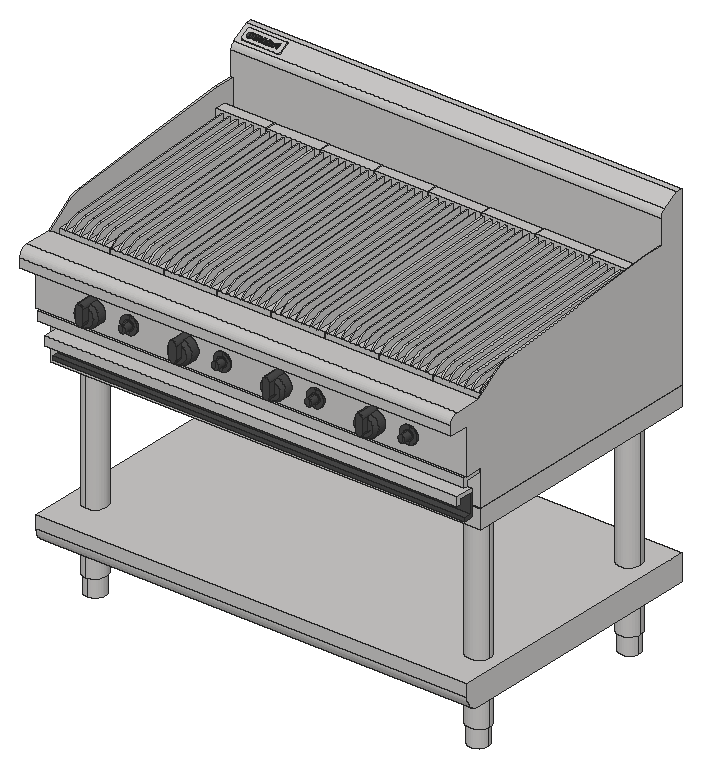
Revit family "QF_MOFFAT WALDORF_CH8120G-LS", category Specialty Equipment, Revit 2012
Parameters
  Weight in Pounds = 0
  URL Cutsheet = "www.moffat.com"
  URL = "www.moffat.com"
  Type Mark [instance] = ""
  Status [instance] = ""
  Specification by User [instance] = ""
  Specification by Manufacturer = ""
  Show Logo [instance] = yes
  Serial Number = ""
  Seismic Rating = ""
  SMACNA No = ""
  Revision Code [instance] = ""
  Omniclass Number and Title = ""
  NAFEM Spec ID Number = ""
  Model = "CH8120G-LS"
  Mechanical Remarks [instance] = ""
  Mechanical Connection Type [instance] = ""
  Masterspec = ""
  Manufacturer = "MOFFAT WALDORF"
  Item Number [instance] = ""
  Installed By [instance] = ""
  Identify Quantity as Lot [instance] = yes
  Gas Size = 3/4"
  Gas RI Height [instance] = 0 mm
  Gas KW [instance] = 36.6
  Gas Input [instance] = 126060.0 Btu/h
  Gas Connection Height = 0 mm
  Furnished By [instance] = ""
  Foodservice Equipment Identifier [instance] = yes
  Description = "CHARGRILL ON LEG STAND"
  CSI MasterFormat = ""
  CSI Master Format = ""
  Body Finish = QF_Finishes_Stainless Steel
Reference planes
  plane 1 "BACK": y = 0
  plane 2: z = 0
  plane 3 "LEFT": x = 0
  plane 4 "RIGHT": x = 1200
  plane 5 "FRONT": y = -805
  plane 6 "TOP": z = 1130
  plane 7 "Center Y": x = 600
  plane 8 "Center X": y = -402.5
Forms (mm)
  Extrusion 1, solid, material "QF_Finishes_Stainless Steel" <- "Body Finish"
    sketch origin (0, 0, 0) x (0, 1, 0) y (0, 0, 1)
      loop
        line (-805, 891) -> (-805, 866) -> (-749, 866) -> (-749, 740) -> (-699, 740) -> (-699, 640) -> (0, 640) -> (0, 1130) -> (-16.5, 1130) -> (-58.709, 1105.631)
        arc (-58.709, 1105.631) -> (-66.975, 1097.365) -> (-70, 1086.074) r 22.582
        line (-70, 1086.074) -> (-70, 875) -> (-705, 875) -> (-705, 915) -> (-781, 915)
        arc (-781, 915) -> (-797.971, 907.971) -> (-805, 891) r 24
      loop
        line (0, 585) -> (0, 639.206) -> (-699, 639.206) -> (-699, 585) -> (0, 585)
      loop
        line (0, 222.5) -> (-749, 222.5) -> (-749, 188)
        arc (-749, 188) -> (-737.87, 161.13) -> (-711, 150) r 38
        line (-711, 150) -> (0, 150) -> (0, 222.5)
    from 0 to 1200
  Revolve 2, solid, material "QF_Finishes_Stainless Steel" <- "Body Finish"
    sketch origin (424.5, -625, 0) x (1, 0, 0) y (0, 0, -1)
      loop
        line (678.25, -585) -> (710, -585) -> (710, -222.5) -> (678.25, -222.5) -> (678.25, -585)
      loop
        line (678.25, -50) -> (678.25, -150) -> (710, -150) -> (710, 0) -> (682.5, 0) -> (682.5, -50) -> (678.25, -50)
      axis (710, -585) -> (710, 0)
    angle from 0 to 360
  Revolve 3, solid, material "QF_Finishes_Stainless Steel" <- "Body Finish"
    sketch origin (424.5, -100, 0) x (1, 0, 0) y (0, 0, -1)
      loop
        line (678.25, -150) -> (710, -150) -> (710, 0) -> (682.5, 0) -> (682.5, -50) -> (678.25, -50) -> (678.25, -150)
      loop
        line (678.75, -222.5) -> (678.75, -585) -> (710, -585) -> (710, -222.5) -> (678.75, -222.5)
      axis (710, -585) -> (710, 0)
    angle from 0 to 360
  Revolve 4, solid, material "QF_Finishes_Stainless Steel" <- "Body Finish"
    sketch origin (65.5, -735, 0) x (0, 1, 0) y (0, 0, 1)
      loop
        line (78.25, 585) -> (78.25, 222.5) -> (110, 222.5) -> (110, 585) -> (78.25, 585)
      loop
        line (78.25, 50) -> (82.5, 50) -> (82.5, 0) -> (110, 0) -> (110, 150) -> (78.25, 150) -> (78.25, 50)
      axis (110, 585) -> (110, 0)
    angle from 0 to 360
  Revolve 5, solid, material "QF_Finishes_Stainless Steel" <- "Body Finish"
    sketch origin (65.5, -210.016, 0) x (0, 1, 0) y (0, 0, 1)
      loop
        line (78.25, 585) -> (78.25, 222.5) -> (110, 222.5) -> (110, 585) -> (78.25, 585)
      loop
        line (78.25, 50) -> (82.5, 50) -> (82.5, 0) -> (110, 0) -> (110, 150) -> (78.25, 150) -> (78.25, 50)
      axis (110, 585) -> (110, 0)
    angle from 0 to 360
  Extrusion 6, solid, material "QF_Finishes_Stainless Steel" <- "Body Finish"
    sketch origin (0, 0, 0) x (0, 1, 0) y (0, 0, 1)
      loop
        line (-121.455, 1019.2) -> (-600.057, 973.116)
        arc (-600.057, 973.116) -> (-620.977, 968.81) -> (-640.506, 960.159) r 100
        line (-640.506, 960.159) -> (-705, 915) -> (-705, 875) -> (-70, 875) -> (-70, 1019.2) -> (-121.455, 1019.2)
    from 0 to 4.5
  Extrusion 7, solid, material "QF_Finishes_Stainless Steel" <- "Body Finish"
    sketch origin (1200, 0, 0) x (0, 1, 0) y (0, 0, -1)
      loop
        line (-121.455, -1019.2) -> (-70, -1019.2) -> (-70, -875) -> (-705, -875) -> (-705, -915) -> (-640.506, -960.159)
        arc (-640.506, -960.159) -> (-620.977, -968.81) -> (-600.057, -973.116) r 100
        line (-600.057, -973.116) -> (-121.455, -1019.2)
    from 0 to 3
  Revolve 8, solid, material "QF_Finishes_Black"
    sketch origin (168, 0, 500) x (0, 1, 0) y (0, 0, 1)
      loop
        line (-782, 329.5) -> (-793, 323.651) -> (-793, 297) -> (-749, 297) -> (-749, 302) -> (-759, 302) -> (-759, 329.5) -> (-782, 329.5)
      axis (-793, 297) -> (-749, 297)
    angle from 0 to 360
  Extrusion 9, solid, material "QF_Finishes_Black"
    sketch origin (29.888, 0, 500) x (1, 0, 0) y (0, 0, 1)
      loop
        line (148.3, 289) -> (148.3, 324)
        arc (148.3, 324) -> (138.3, 334) -> (128.3, 324) r 10
        line (128.3, 324) -> (128.3, 289)
        arc (128.3, 289) -> (138.3, 279) -> (148.3, 289) r 10
    from 759 to 808
  Revolve 10, solid, material "QF_Finishes_Black"
    sketch origin (428, 0, 0) x (0, 1, 0) y (0, 0, -1)
      loop
        line (-782, -829.5) -> (-759, -829.5) -> (-759, -802) -> (-749, -802) -> (-749, -797) -> (-793, -797) -> (-793, -823.651) -> (-782, -829.5)
      axis (-793, -797) -> (-749, -797)
    angle from 0 to 360
  Extrusion 11, solid, material "QF_Finishes_Black"
    sketch origin (266.198, 0, 0) x (-1, 0, 0) y (0, 0, -1)
      loop
        arc (-151.7, -789) -> (-161.7, -779) -> (-171.7, -789) r 10
        line (-171.7, -789) -> (-171.7, -824)
        arc (-171.7, -824) -> (-161.7, -834) -> (-151.7, -824) r 10
        line (-151.7, -824) -> (-151.7, -789)
    from 759 to 808
  Revolve 12, solid, material "QF_Finishes_Black"
    sketch origin (268.187, 0, 500) x (0, 1, 0) y (0, 0, 1)
      loop
        line (-759, 302) -> (-759, 321) -> (-761.705, 321) -> (-761.705, 309.85) -> (-762.85, 309.85) -> (-762.85, 306.825) -> (-784.88, 306.825) -> (-784.88, 297) -> (-749, 297) -> (-749, 302) -> (-759, 302)
      axis (-749, 297) -> (-784.88, 297)
    angle from 0 to 360
  Revolve 13, solid, material "QF_Finishes_Black"
    sketch origin (528.014, 0, 500) x (0, 1, 0) y (0, 0, 1)
      loop
        line (-759, 302) -> (-759, 321) -> (-761.705, 321) -> (-761.705, 309.85) -> (-762.85, 309.85) -> (-762.85, 306.825) -> (-784.88, 306.825) -> (-784.88, 297) -> (-749, 297) -> (-749, 302) -> (-759, 302)
      axis (-749, 297) -> (-784.88, 297)
    angle from 0 to 360
  Extrusion 14, solid, material "QF_Finishes_Stainless Steel"
    sketch origin (276, 0, 0) x (0, 1, 0) y (0, 0, 1)
      loop
        line (-132, 910.364) -> (-132, 962.849) -> (-630.852, 932.53)
        arc (-630.852, 932.53) -> (-656.098, 925.97) -> (-677, 910.364) r 67.81
        line (-677, 910.364) -> (-132, 910.364)
    from 0 to 4.5
  Extrusion 15, solid, material "QF_Finishes_Stainless Steel"
    sketch origin (255, 0, 0) x (0, 1, 0) y (0, 0, 1)
      loop
        line (-132, 910.364) -> (-132, 962.849) -> (-630.852, 932.53)
        arc (-630.852, 932.53) -> (-656.098, 925.97) -> (-677, 910.364) r 67.81
        line (-677, 910.364) -> (-132, 910.364)
    from 0 to 4.5
  Extrusion 16, solid, material "QF_Finishes_Stainless Steel"
    sketch origin (234, 0, 0) x (0, 1, 0) y (0, 0, 1)
      loop
        line (-132, 910.364) -> (-132, 962.849) -> (-630.852, 932.53)
        arc (-630.852, 932.53) -> (-656.098, 925.97) -> (-677, 910.364) r 67.81
        line (-677, 910.364) -> (-132, 910.364)
    from 0 to 4.5
  Extrusion 17, solid, material "QF_Finishes_Stainless Steel"
    sketch origin (213, 0, 0) x (0, 1, 0) y (0, 0, 1)
      loop
        line (-132, 910.364) -> (-132, 962.849) -> (-630.852, 932.53)
        arc (-630.852, 932.53) -> (-656.098, 925.97) -> (-677, 910.364) r 67.81
        line (-677, 910.364) -> (-132, 910.364)
    from 0 to 4.5
  Extrusion 18, solid, material "QF_Finishes_Stainless Steel"
    sketch origin (192, 0, 0) x (0, 1, 0) y (0, 0, 1)
      loop
        line (-132, 910.364) -> (-132, 962.849) -> (-630.852, 932.53)
        arc (-630.852, 932.53) -> (-656.098, 925.97) -> (-677, 910.364) r 67.81
        line (-677, 910.364) -> (-132, 910.364)
    from 0 to 4.5
  Extrusion 19, solid, material "QF_Finishes_Stainless Steel"
    sketch origin (171, 0, 0) x (0, 1, 0) y (0, 0, 1)
      loop
        line (-132, 910.364) -> (-132, 962.849) -> (-630.852, 932.53)
        arc (-630.852, 932.53) -> (-656.098, 925.97) -> (-677, 910.364) r 67.81
        line (-677, 910.364) -> (-132, 910.364)
    from 0 to 4.5
  Extrusion 20, solid, material "QF_Finishes_Stainless Steel"
    sketch origin (150, 0, 0) x (0, 1, 0) y (0, 0, 1)
      loop
        line (-132, 910.364) -> (-132, 962.849) -> (-630.852, 932.53)
        arc (-630.852, 932.53) -> (-656.098, 925.97) -> (-677, 910.364) r 67.81
        line (-677, 910.364) -> (-132, 910.364)
    from 0 to 4.5
  Extrusion 21, solid, material "QF_Finishes_Stainless Steel"
    sketch origin (126, 0, 0) x (0, 1, 0) y (0, 0, 1)
      loop
        line (-132, 910.364) -> (-132, 962.849) -> (-630.852, 932.53)
        arc (-630.852, 932.53) -> (-656.098, 925.97) -> (-677, 910.364) r 67.81
        line (-677, 910.364) -> (-132, 910.364)
    from 0 to 4.5
  Extrusion 22, solid, material "QF_Finishes_Stainless Steel"
    sketch origin (105, 0, 0) x (0, 1, 0) y (0, 0, 1)
      loop
        line (-132, 910.364) -> (-132, 962.849) -> (-630.852, 932.53)
        arc (-630.852, 932.53) -> (-656.098, 925.97) -> (-677, 910.364) r 67.81
        line (-677, 910.364) -> (-132, 910.364)
    from 0 to 4.5
  Extrusion 23, solid, material "QF_Finishes_Stainless Steel"
    sketch origin (84, 0, 0) x (0, 1, 0) y (0, 0, 1)
      loop
        line (-132, 910.364) -> (-132, 962.849) -> (-630.852, 932.53)
        arc (-630.852, 932.53) -> (-656.098, 925.97) -> (-677, 910.364) r 67.81
        line (-677, 910.364) -> (-132, 910.364)
    from 0 to 4.5
  Extrusion 24, solid, material "QF_Finishes_Stainless Steel"
    sketch origin (63, 0, 0) x (0, 1, 0) y (0, 0, 1)
      loop
        line (-132, 910.364) -> (-132, 962.849) -> (-630.852, 932.53)
        arc (-630.852, 932.53) -> (-656.098, 925.97) -> (-677, 910.364) r 67.81
        line (-677, 910.364) -> (-132, 910.364)
    from 0 to 4.5
  Extrusion 25, solid, material "QF_Finishes_Stainless Steel"
    sketch origin (42, 0, 0) x (0, 1, 0) y (0, 0, 1)
      loop
        line (-132, 910.364) -> (-132, 962.849) -> (-630.852, 932.53)
        arc (-630.852, 932.53) -> (-656.098, 925.97) -> (-677, 910.364) r 67.81
        line (-677, 910.364) -> (-132, 910.364)
    from 0 to 4.5
  Extrusion 26, solid, material "QF_Finishes_Stainless Steel"
    sketch origin (21, 0, 0) x (0, 1, 0) y (0, 0, 1)
      loop
        line (-132, 910.364) -> (-132, 962.849) -> (-630.852, 932.53)
        arc (-630.852, 932.53) -> (-656.098, 925.97) -> (-677, 910.364) r 67.81
        line (-677, 910.364) -> (-132, 910.364)
    from 0 to 4.5
  Extrusion 27, solid, material "QF_Finishes_Stainless Steel"
    sketch origin (426, 0, 0) x (0, 1, 0) y (0, 0, 1)
      loop
        line (-132, 910.364) -> (-132, 962.849) -> (-630.852, 932.53)
        arc (-630.852, 932.53) -> (-656.098, 925.97) -> (-677, 910.364) r 67.81
        line (-677, 910.364) -> (-132, 910.364)
    from 0 to 4.5
  Extrusion 28, solid, material "QF_Finishes_Stainless Steel"
    sketch origin (405, 0, 0) x (0, 1, 0) y (0, 0, 1)
      loop
        line (-132, 910.364) -> (-132, 962.849) -> (-630.852, 932.53)
        arc (-630.852, 932.53) -> (-656.098, 925.97) -> (-677, 910.364) r 67.81
        line (-677, 910.364) -> (-132, 910.364)
    from 0 to 4.5
  Extrusion 29, solid, material "QF_Finishes_Stainless Steel"
    sketch origin (384, 0, 0) x (0, 1, 0) y (0, 0, 1)
      loop
        line (-132, 910.364) -> (-132, 962.849) -> (-630.852, 932.53)
        arc (-630.852, 932.53) -> (-656.098, 925.97) -> (-677, 910.364) r 67.81
        line (-677, 910.364) -> (-132, 910.364)
    from 0 to 4.5
  Extrusion 30, solid, material "QF_Finishes_Stainless Steel"
    sketch origin (363, 0, 0) x (0, 1, 0) y (0, 0, 1)
      loop
        line (-132, 910.364) -> (-132, 962.849) -> (-630.852, 932.53)
        arc (-630.852, 932.53) -> (-656.098, 925.97) -> (-677, 910.364) r 67.81
        line (-677, 910.364) -> (-132, 910.364)
    from 0 to 4.5
  Extrusion 31, solid, material "QF_Finishes_Stainless Steel"
    sketch origin (342, 0, 0) x (0, 1, 0) y (0, 0, 1)
      loop
        line (-132, 910.364) -> (-132, 962.849) -> (-630.852, 932.53)
        arc (-630.852, 932.53) -> (-656.098, 925.97) -> (-677, 910.364) r 67.81
        line (-677, 910.364) -> (-132, 910.364)
    from 0 to 4.5
  Extrusion 32, solid, material "QF_Finishes_Stainless Steel"
    sketch origin (321, 0, 0) x (0, 1, 0) y (0, 0, 1)
      loop
        line (-132, 910.364) -> (-132, 962.849) -> (-630.852, 932.53)
        arc (-630.852, 932.53) -> (-656.098, 925.97) -> (-677, 910.364) r 67.81
        line (-677, 910.364) -> (-132, 910.364)
    from 0 to 4.5
  Extrusion 33, solid, material "QF_Finishes_Stainless Steel"
    sketch origin (300, 0, 0) x (0, 1, 0) y (0, 0, 1)
      loop
        line (-132, 910.364) -> (-132, 962.849) -> (-630.852, 932.53)
        arc (-630.852, 932.53) -> (-656.098, 925.97) -> (-677, 910.364) r 67.81
        line (-677, 910.364) -> (-132, 910.364)
    from 0 to 4.5
  Extrusion 34, solid, material "QF_Finishes_Stainless Steel"
    sketch origin (576, 0, 0) x (0, 1, 0) y (0, 0, 1)
      loop
        line (-132, 910.364) -> (-132, 962.849) -> (-630.852, 932.53)
        arc (-630.852, 932.53) -> (-656.098, 925.97) -> (-677, 910.364) r 67.81
        line (-677, 910.364) -> (-132, 910.364)
    from 0 to 4.5
  Extrusion 35, solid, material "QF_Finishes_Stainless Steel"
    sketch origin (555, 0, 0) x (0, 1, 0) y (0, 0, 1)
      loop
        line (-132, 910.364) -> (-132, 962.849) -> (-630.852, 932.53)
        arc (-630.852, 932.53) -> (-656.098, 925.97) -> (-677, 910.364) r 67.81
        line (-677, 910.364) -> (-132, 910.364)
    from 0 to 4.5
  Extrusion 36, solid, material "QF_Finishes_Stainless Steel"
    sketch origin (534, 0, 0) x (0, 1, 0) y (0, 0, 1)
      loop
        line (-132, 910.364) -> (-132, 962.849) -> (-630.852, 932.53)
        arc (-630.852, 932.53) -> (-656.098, 925.97) -> (-677, 910.364) r 67.81
        line (-677, 910.364) -> (-132, 910.364)
    from 0 to 4.5
  Extrusion 37, solid, material "QF_Finishes_Stainless Steel"
    sketch origin (513, 0, 0) x (0, 1, 0) y (0, 0, 1)
      loop
        line (-132, 910.364) -> (-132, 962.849) -> (-630.852, 932.53)
        arc (-630.852, 932.53) -> (-656.098, 925.97) -> (-677, 910.364) r 67.81
        line (-677, 910.364) -> (-132, 910.364)
    from 0 to 4.5
  Extrusion 38, solid, material "QF_Finishes_Stainless Steel"
    sketch origin (492, 0, 0) x (0, 1, 0) y (0, 0, 1)
      loop
        line (-132, 910.364) -> (-132, 962.849) -> (-630.852, 932.53)
        arc (-630.852, 932.53) -> (-656.098, 925.97) -> (-677, 910.364) r 67.81
        line (-677, 910.364) -> (-132, 910.364)
    from 0 to 4.5
  Extrusion 39, solid, material "QF_Finishes_Stainless Steel"
    sketch origin (471, 0, 0) x (0, 1, 0) y (0, 0, 1)
      loop
        line (-132, 910.364) -> (-132, 962.849) -> (-630.852, 932.53)
        arc (-630.852, 932.53) -> (-656.098, 925.97) -> (-677, 910.364) r 67.81
        line (-677, 910.364) -> (-132, 910.364)
    from 0 to 4.5
  Extrusion 40, solid, material "QF_Finishes_Stainless Steel"
    sketch origin (450, 0, 0) x (0, 1, 0) y (0, 0, 1)
      loop
        line (-132, 910.364) -> (-132, 962.849) -> (-630.852, 932.53)
        arc (-630.852, 932.53) -> (-656.098, 925.97) -> (-677, 910.364) r 67.81
        line (-677, 910.364) -> (-132, 910.364)
    from 0 to 4.5
  Extrusion 41, solid, material "QF_Finishes_Stainless Steel"
    sketch origin (1, 3, 0) x (1, 0, 0) y (0, 1, 0)
      loop
        circle (215, -35) r 13.5
    from 555 to 585
  Extrusion 42, solid, material "QF_Finishes_Black"
    sketch origin (1, 0, 500) x (0, 1, 0) y (0, 0, 1)
      loop
        line (-704, 171.797) -> (-704, 118.047) -> (-724, 118.047) -> (-724, 108.047) -> (-685.346, 108.047) -> (-685.346, 171.797) -> (-704, 171.797)
    from 24.12 to 1174.007
  Extrusion 43, solid, material "QF_Finishes_Stainless Steel"
    sketch origin (0, 0, 500) x (0, 1, 0) y (0, 0, 1)
      loop
        line (-751.27, 211.219) -> (-741.27, 211.219) -> (-741.27, 226.219) -> (-699, 226.219) -> (-699, 236.219) -> (-751.27, 236.219) -> (-751.27, 211.219)
    from 5.013 to 1195
  Extrusion 44, solid, material "QF_Finishes_Stainless Steel"
    sketch origin (0, 0, 445.578) x (0, 1, 0) y (0, 0, 1)
      loop
        line (-751.27, 211.219) -> (-741.27, 211.219) -> (-741.27, 226.219) -> (-685.346, 226.219) -> (-685.346, 236.219) -> (-751.27, 236.219) -> (-751.27, 211.219)
    from 25.12 to 1175.007
  Extrusion 45, solid, material "QF_Finishes_Stainless Steel"
    sketch origin (0, 0, 0) x (0, 1, 0) y (0, 0, 1)
      loop
        line (-132, 910.364) -> (-677, 910.364) -> (-677, 875) -> (-102, 875) -> (-102, 970) -> (-132, 970) -> (-132, 910.364)
    from 4.5 to 147
  Extrusion 46, solid, material "QF_Finishes_Stainless Steel"
    sketch origin (145.5, 0, 0) x (0, 1, 0) y (0, 0, 1)
      loop
        line (-132, 910.364) -> (-677, 910.364) -> (-677, 875) -> (-102, 875) -> (-102, 970) -> (-132, 970) -> (-132, 910.364)
    from 4.5 to 151.5
  Extrusion 47, solid, material "QF_Finishes_Stainless Steel"
    sketch origin (295.5, 0, 0) x (0, 1, 0) y (0, 0, 1)
      loop
        line (-132, 910.364) -> (-677, 910.364) -> (-677, 875) -> (-102, 875) -> (-102, 970) -> (-132, 970) -> (-132, 910.364)
    from 4.5 to 151.5
  Extrusion 48, solid, material "QF_Finishes_Stainless Steel"
    sketch origin (445.5, 0, 0) x (0, 1, 0) y (0, 0, 1)
      loop
        line (-132, 910.364) -> (-677, 910.364) -> (-677, 875) -> (-102, 875) -> (-102, 970) -> (-132, 970) -> (-132, 910.364)
    from 4.5 to 151.5
  Extrusion 49, solid, material "QF_Finishes_Stainless Steel"
    sketch origin (726, 0, 0) x (0, 1, 0) y (0, 0, 1)
      loop
        line (-132, 910.364) -> (-132, 962.849) -> (-630.852, 932.53)
        arc (-630.852, 932.53) -> (-656.098, 925.97) -> (-677, 910.364) r 67.81
        line (-677, 910.364) -> (-132, 910.364)
    from 0 to 4.5
  Extrusion 50, solid, material "QF_Finishes_Stainless Steel"
    sketch origin (705, 0, 0) x (0, 1, 0) y (0, 0, 1)
      loop
        line (-132, 910.364) -> (-132, 962.849) -> (-630.852, 932.53)
        arc (-630.852, 932.53) -> (-656.098, 925.97) -> (-677, 910.364) r 67.81
        line (-677, 910.364) -> (-132, 910.364)
    from 0 to 4.5
  Extrusion 51, solid, material "QF_Finishes_Stainless Steel"
    sketch origin (684, 0, 0) x (0, 1, 0) y (0, 0, 1)
      loop
        line (-132, 910.364) -> (-132, 962.849) -> (-630.852, 932.53)
        arc (-630.852, 932.53) -> (-656.098, 925.97) -> (-677, 910.364) r 67.81
        line (-677, 910.364) -> (-132, 910.364)
    from 0 to 4.5
  Extrusion 52, solid, material "QF_Finishes_Stainless Steel"
    sketch origin (663, 0, 0) x (0, 1, 0) y (0, 0, 1)
      loop
        line (-132, 910.364) -> (-132, 962.849) -> (-630.852, 932.53)
        arc (-630.852, 932.53) -> (-656.098, 925.97) -> (-677, 910.364) r 67.81
        line (-677, 910.364) -> (-132, 910.364)
    from 0 to 4.5
  Extrusion 53, solid, material "QF_Finishes_Stainless Steel"
    sketch origin (642, 0, 0) x (0, 1, 0) y (0, 0, 1)
      loop
        line (-132, 910.364) -> (-132, 962.849) -> (-630.852, 932.53)
        arc (-630.852, 932.53) -> (-656.098, 925.97) -> (-677, 910.364) r 67.81
        line (-677, 910.364) -> (-132, 910.364)
    from 0 to 4.5
  Extrusion 54, solid, material "QF_Finishes_Stainless Steel"
    sketch origin (621, 0, 0) x (0, 1, 0) y (0, 0, 1)
      loop
        line (-132, 910.364) -> (-132, 962.849) -> (-630.852, 932.53)
        arc (-630.852, 932.53) -> (-656.098, 925.97) -> (-677, 910.364) r 67.81
        line (-677, 910.364) -> (-132, 910.364)
    from 0 to 4.5
  Extrusion 55, solid, material "QF_Finishes_Stainless Steel"
    sketch origin (600, 0, 0) x (0, 1, 0) y (0, 0, 1)
      loop
        line (-132, 910.364) -> (-132, 962.849) -> (-630.852, 932.53)
        arc (-630.852, 932.53) -> (-656.098, 925.97) -> (-677, 910.364) r 67.81
        line (-677, 910.364) -> (-132, 910.364)
    from 0 to 4.5
  Extrusion 56, solid, material "QF_Finishes_Stainless Steel"
    sketch origin (595.5, 0, 0) x (0, 1, 0) y (0, 0, 1)
      loop
        line (-132, 910.364) -> (-677, 910.364) -> (-677, 875) -> (-102, 875) -> (-102, 970) -> (-132, 970) -> (-132, 910.364)
    from 4.5 to 151.5
  Extrusion 57, solid, material "QF_Finishes_Stainless Steel"
    sketch origin (876, 0, 0) x (0, 1, 0) y (0, 0, 1)
      loop
        line (-132, 910.364) -> (-132, 962.849) -> (-630.852, 932.53)
        arc (-630.852, 932.53) -> (-656.098, 925.97) -> (-677, 910.364) r 67.81
        line (-677, 910.364) -> (-132, 910.364)
    from 0 to 4.5
  Extrusion 58, solid, material "QF_Finishes_Stainless Steel"
    sketch origin (855, 0, 0) x (0, 1, 0) y (0, 0, 1)
      loop
        line (-132, 910.364) -> (-132, 962.849) -> (-630.852, 932.53)
        arc (-630.852, 932.53) -> (-656.098, 925.97) -> (-677, 910.364) r 67.81
        line (-677, 910.364) -> (-132, 910.364)
    from 0 to 4.5
  Extrusion 59, solid, material "QF_Finishes_Stainless Steel"
    sketch origin (834, 0, 0) x (0, 1, 0) y (0, 0, 1)
      loop
        line (-132, 910.364) -> (-132, 962.849) -> (-630.852, 932.53)
        arc (-630.852, 932.53) -> (-656.098, 925.97) -> (-677, 910.364) r 67.81
        line (-677, 910.364) -> (-132, 910.364)
    from 0 to 4.5
  Extrusion 60, solid, material "QF_Finishes_Stainless Steel"
    sketch origin (813, 0, 0) x (0, 1, 0) y (0, 0, 1)
      loop
        line (-132, 910.364) -> (-132, 962.849) -> (-630.852, 932.53)
        arc (-630.852, 932.53) -> (-656.098, 925.97) -> (-677, 910.364) r 67.81
        line (-677, 910.364) -> (-132, 910.364)
    from 0 to 4.5
  Extrusion 61, solid, material "QF_Finishes_Stainless Steel"
    sketch origin (792, 0, 0) x (0, 1, 0) y (0, 0, 1)
      loop
        line (-132, 910.364) -> (-132, 962.849) -> (-630.852, 932.53)
        arc (-630.852, 932.53) -> (-656.098, 925.97) -> (-677, 910.364) r 67.81
        line (-677, 910.364) -> (-132, 910.364)
    from 0 to 4.5
  Extrusion 62, solid, material "QF_Finishes_Stainless Steel"
    sketch origin (771, 0, 0) x (0, 1, 0) y (0, 0, 1)
      loop
        line (-132, 910.364) -> (-132, 962.849) -> (-630.852, 932.53)
        arc (-630.852, 932.53) -> (-656.098, 925.97) -> (-677, 910.364) r 67.81
        line (-677, 910.364) -> (-132, 910.364)
    from 0 to 4.5
  Extrusion 63, solid, material "QF_Finishes_Stainless Steel"
    sketch origin (750, 0, 0) x (0, 1, 0) y (0, 0, 1)
      loop
        line (-132, 910.364) -> (-132, 962.849) -> (-630.852, 932.53)
        arc (-630.852, 932.53) -> (-656.098, 925.97) -> (-677, 910.364) r 67.81
        line (-677, 910.364) -> (-132, 910.364)
    from 0 to 4.5
  Extrusion 64, solid, material "QF_Finishes_Stainless Steel"
    sketch origin (745.5, 0, 0) x (0, 1, 0) y (0, 0, 1)
      loop
        line (-132, 910.364) -> (-677, 910.364) -> (-677, 875) -> (-102, 875) -> (-102, 970) -> (-132, 970) -> (-132, 910.364)
    from 4.5 to 151.5
  Revolve 65, solid, material "QF_Finishes_Black"
    sketch origin (688, 0, 0) x (0, 1, 0) y (0, 0, -1)
      loop
        line (-782, -829.5) -> (-759, -829.5) -> (-759, -802) -> (-749, -802) -> (-749, -797) -> (-793, -797) -> (-793, -823.651) -> (-782, -829.5)
      axis (-793, -797) -> (-749, -797)
    angle from 0 to 360
  Extrusion 66, solid, material "QF_Finishes_Black"
    sketch origin (526.309, 0, 0) x (-1, 0, 0) y (0, 0, -1)
      loop
        arc (-151.7, -789) -> (-161.7, -779) -> (-171.7, -789) r 10
        line (-171.7, -789) -> (-171.7, -824)
        arc (-171.7, -824) -> (-161.7, -834) -> (-151.7, -824) r 10
        line (-151.7, -824) -> (-151.7, -789)
    from 759 to 808
  Revolve 67, solid, material "QF_Finishes_Black"
    sketch origin (788.014, 0, 500) x (0, 1, 0) y (0, 0, 1)
      loop
        line (-759, 302) -> (-759, 321) -> (-761.705, 321) -> (-761.705, 309.85) -> (-762.85, 309.85) -> (-762.85, 306.825) -> (-784.88, 306.825) -> (-784.88, 297) -> (-749, 297) -> (-749, 302) -> (-759, 302)
      axis (-749, 297) -> (-784.88, 297)
    angle from 0 to 360
  Revolve 68, solid, material "QF_Finishes_Black"
    sketch origin (948, 0, 0) x (0, 1, 0) y (0, 0, -1)
      loop
        line (-782, -829.5) -> (-759, -829.5) -> (-759, -802) -> (-749, -802) -> (-749, -797) -> (-793, -797) -> (-793, -823.651) -> (-782, -829.5)
      axis (-793, -797) -> (-749, -797)
    angle from 0 to 360
  Extrusion 69, solid, material "QF_Finishes_Black"
    sketch origin (786.309, 0, 0) x (-1, 0, 0) y (0, 0, -1)
      loop
        arc (-151.7, -789) -> (-161.7, -779) -> (-171.7, -789) r 10
        line (-171.7, -789) -> (-171.7, -824)
        arc (-171.7, -824) -> (-161.7, -834) -> (-151.7, -824) r 10
        line (-151.7, -824) -> (-151.7, -789)
    from 759 to 808
  Revolve 70, solid, material "QF_Finishes_Black"
    sketch origin (1048.014, 0, 500) x (0, 1, 0) y (0, 0, 1)
      loop
        line (-759, 302) -> (-759, 321) -> (-761.705, 321) -> (-761.705, 309.85) -> (-762.85, 309.85) -> (-762.85, 306.825) -> (-784.88, 306.825) -> (-784.88, 297) -> (-749, 297) -> (-749, 302) -> (-759, 302)
      axis (-749, 297) -> (-784.88, 297)
    angle from 0 to 360
  Extrusion 71, solid, material "QF_Finishes_Stainless Steel"
    sketch origin (1026, 0, 0) x (0, 1, 0) y (0, 0, 1)
      loop
        line (-132, 910.364) -> (-132, 962.849) -> (-630.852, 932.53)
        arc (-630.852, 932.53) -> (-656.098, 925.97) -> (-677, 910.364) r 67.81
        line (-677, 910.364) -> (-132, 910.364)
    from 0 to 4.5
  Extrusion 72, solid, material "QF_Finishes_Stainless Steel"
    sketch origin (1005, 0, 0) x (0, 1, 0) y (0, 0, 1)
      loop
        line (-132, 910.364) -> (-132, 962.849) -> (-630.852, 932.53)
        arc (-630.852, 932.53) -> (-656.098, 925.97) -> (-677, 910.364) r 67.81
        line (-677, 910.364) -> (-132, 910.364)
    from 0 to 4.5
  Extrusion 73, solid, material "QF_Finishes_Stainless Steel"
    sketch origin (984, 0, 0) x (0, 1, 0) y (0, 0, 1)
      loop
        line (-132, 910.364) -> (-132, 962.849) -> (-630.852, 932.53)
        arc (-630.852, 932.53) -> (-656.098, 925.97) -> (-677, 910.364) r 67.81
        line (-677, 910.364) -> (-132, 910.364)
    from 0 to 4.5
  Extrusion 74, solid, material "QF_Finishes_Stainless Steel"
    sketch origin (963, 0, 0) x (0, 1, 0) y (0, 0, 1)
      loop
        line (-132, 910.364) -> (-132, 962.849) -> (-630.852, 932.53)
        arc (-630.852, 932.53) -> (-656.098, 925.97) -> (-677, 910.364) r 67.81
        line (-677, 910.364) -> (-132, 910.364)
    from 0 to 4.5
  Extrusion 75, solid, material "QF_Finishes_Stainless Steel"
    sketch origin (942, 0, 0) x (0, 1, 0) y (0, 0, 1)
      loop
        line (-132, 910.364) -> (-132, 962.849) -> (-630.852, 932.53)
        arc (-630.852, 932.53) -> (-656.098, 925.97) -> (-677, 910.364) r 67.81
        line (-677, 910.364) -> (-132, 910.364)
    from 0 to 4.5
  Extrusion 76, solid, material "QF_Finishes_Stainless Steel"
    sketch origin (921, 0, 0) x (0, 1, 0) y (0, 0, 1)
      loop
        line (-132, 910.364) -> (-132, 962.849) -> (-630.852, 932.53)
        arc (-630.852, 932.53) -> (-656.098, 925.97) -> (-677, 910.364) r 67.81
        line (-677, 910.364) -> (-132, 910.364)
    from 0 to 4.5
  Extrusion 77, solid, material "QF_Finishes_Stainless Steel"
    sketch origin (900, 0, 0) x (0, 1, 0) y (0, 0, 1)
      loop
        line (-132, 910.364) -> (-132, 962.849) -> (-630.852, 932.53)
        arc (-630.852, 932.53) -> (-656.098, 925.97) -> (-677, 910.364) r 67.81
        line (-677, 910.364) -> (-132, 910.364)
    from 0 to 4.5
  Extrusion 78, solid, material "QF_Finishes_Stainless Steel"
    sketch origin (895.5, 0, 0) x (0, 1, 0) y (0, 0, 1)
      loop
        line (-132, 910.364) -> (-677, 910.364) -> (-677, 875) -> (-102, 875) -> (-102, 970) -> (-132, 970) -> (-132, 910.364)
    from 4.5 to 151.5
  Extrusion 79, solid, material "QF_Finishes_Stainless Steel"
    sketch origin (1176, 0, 0) x (0, 1, 0) y (0, 0, 1)
      loop
        line (-132, 910.364) -> (-132, 962.849) -> (-630.852, 932.53)
        arc (-630.852, 932.53) -> (-656.098, 925.97) -> (-677, 910.364) r 67.81
        line (-677, 910.364) -> (-132, 910.364)
    from 0 to 4.5
  Extrusion 80, solid, material "QF_Finishes_Stainless Steel"
    sketch origin (1155, 0, 0) x (0, 1, 0) y (0, 0, 1)
      loop
        line (-132, 910.364) -> (-132, 962.849) -> (-630.852, 932.53)
        arc (-630.852, 932.53) -> (-656.098, 925.97) -> (-677, 910.364) r 67.81
        line (-677, 910.364) -> (-132, 910.364)
    from 0 to 4.5
  Extrusion 81, solid, material "QF_Finishes_Stainless Steel"
    sketch origin (1134, 0, 0) x (0, 1, 0) y (0, 0, 1)
      loop
        line (-132, 910.364) -> (-132, 962.849) -> (-630.852, 932.53)
        arc (-630.852, 932.53) -> (-656.098, 925.97) -> (-677, 910.364) r 67.81
        line (-677, 910.364) -> (-132, 910.364)
    from 0 to 4.5
  Extrusion 82, solid, material "QF_Finishes_Stainless Steel"
    sketch origin (1113, 0, 0) x (0, 1, 0) y (0, 0, 1)
      loop
        line (-132, 910.364) -> (-132, 962.849) -> (-630.852, 932.53)
        arc (-630.852, 932.53) -> (-656.098, 925.97) -> (-677, 910.364) r 67.81
        line (-677, 910.364) -> (-132, 910.364)
    from 0 to 4.5
  Extrusion 83, solid, material "QF_Finishes_Stainless Steel"
    sketch origin (1092, 0, 0) x (0, 1, 0) y (0, 0, 1)
      loop
        line (-132, 910.364) -> (-132, 962.849) -> (-630.852, 932.53)
        arc (-630.852, 932.53) -> (-656.098, 925.97) -> (-677, 910.364) r 67.81
        line (-677, 910.364) -> (-132, 910.364)
    from 0 to 4.5
  Extrusion 84, solid, material "QF_Finishes_Stainless Steel"
    sketch origin (1071, 0, 0) x (0, 1, 0) y (0, 0, 1)
      loop
        line (-132, 910.364) -> (-132, 962.849) -> (-630.852, 932.53)
        arc (-630.852, 932.53) -> (-656.098, 925.97) -> (-677, 910.364) r 67.81
        line (-677, 910.364) -> (-132, 910.364)
    from 0 to 4.5
  Extrusion 85, solid, material "QF_Finishes_Stainless Steel"
    sketch origin (1050, 0, 0) x (0, 1, 0) y (0, 0, 1)
      loop
        line (-132, 910.364) -> (-132, 962.849) -> (-630.852, 932.53)
        arc (-630.852, 932.53) -> (-656.098, 925.97) -> (-677, 910.364) r 67.81
        line (-677, 910.364) -> (-132, 910.364)
    from 0 to 4.5
  Extrusion 86, solid, material "QF_Finishes_Stainless Steel"
    sketch origin (1045.5, 0, 0) x (0, 1, 0) y (0, 0, 1)
      loop
        line (-132, 910.364) -> (-677, 910.364) -> (-677, 875) -> (-102, 875) -> (-102, 970) -> (-132, 970) -> (-132, 910.364)
    from 4.5 to 151.5
Cuts and joins
  joined: Revolve 8, Extrusion 9
  joined: Revolve 10, Extrusion 11
  joined: Extrusion 1, Extrusion 6, Extrusion 7
Lines and regions (mm)
  Split face 1
    outline origin (0, -16.5, 1130) x (0, -0.866025, -0.5) y (1, 0, 0)
      loop
        line (1.962, 129.583) -> (34.599, 129.583) -> (34.599, 149.583) -> (1.962, 149.583) -> (1.962, 129.583)
  Split face 2
    outline origin (0, -16.5, 1130) x (0, -0.866025, -0.5) y (1, 0, 0)
      loop
        line (34.599, 156.5) -> (34.599, 176.5) -> (1.962, 176.5) -> (1.962, 156.5) -> (34.599, 156.5)
  Split face 3
    outline origin (0, -16.5, 1130) x (0, -0.866025, -0.5) y (1, 0, 0)
      loop
        line (34.599, 203.5) -> (1.962, 203.5) -> (1.962, 183.5) -> (34.599, 183.5) -> (34.599, 203.5)
  Split face 4
    outline origin (0, -16.5, 1130) x (0, -0.866025, -0.5) y (1, 0, 0)
      loop
        line (34.599, 230.5) -> (1.962, 230.5) -> (1.962, 210.5) -> (34.599, 210.5) -> (34.599, 230.5)
  Split face 5
    outline origin (0, -16.5, 1130) x (0, -0.866025, -0.5) y (1, 0, 0)
      loop
        line (34.599, 257.5) -> (1.962, 257.5) -> (1.962, 237.5) -> (34.599, 237.5) -> (34.599, 257.5)
  Split face 6
    outline origin (0, -16.5, 1130) x (0, -0.866025, -0.5) y (1, 0, 0)
      loop
        line (34.599, 264.5) -> (34.599, 284.5) -> (1.962, 284.5) -> (1.962, 264.5) -> (34.599, 264.5)
  Split face 7
    outline origin (0, -16.5, 1130) x (0, -0.866025, -0.5) y (1, 0, 0)
      loop
        line (34.599, 311.5) -> (1.962, 311.5) -> (1.962, 291.5) -> (34.599, 291.5) -> (34.599, 311.5)
  Split face 8
    outline origin (0, -16.5, 1130) x (0, -0.866025, -0.5) y (1, 0, 0)
      loop
        line (1.962, 338.5) -> (1.962, 318.5) -> (34.599, 318.5) -> (34.599, 338.5) -> (1.962, 338.5)
  Split face 9
    outline origin (0, -16.5, 1130) x (0, -0.866025, -0.5) y (1, 0, 0)
      loop
        line (1.962, 345.5) -> (34.599, 345.5) -> (34.599, 365.5) -> (1.962, 365.5) -> (1.962, 345.5)
  Split face 10
    outline origin (0, -16.5, 1130) x (0, -0.866025, -0.5) y (1, 0, 0)
      loop
        line (34.599, 372.579) -> (34.599, 392.579) -> (1.962, 392.579) -> (1.962, 372.579) -> (34.599, 372.579)
  Split face 11
    outline origin (0, -16.5, 1130) x (0, -0.866025, -0.5) y (1, 0, 0)
      loop
        line (34.599, 399.534) -> (34.599, 419.534) -> (1.962, 419.534) -> (1.962, 399.534) -> (34.599, 399.534)
  Split face 12
    outline origin (1200, -699, 740) x (-1, 0, 0) y (0, 0, -1)
      loop
        line (1174.88, 98.75) -> (24.993, 98.75) -> (24.993, 1.25) -> (1174.88, 1.25) -> (1174.88, 98.75)
  Split face 13
    outline origin (27, -16.5, 1130) x (0, -0.866025, -0.5) y (1, 0, 0)
      loop
        line (34.599, 399.534) -> (34.599, 419.534) -> (1.962, 419.534) -> (1.962, 399.534) -> (34.599, 399.534)
  Split face 14
    outline origin (-95.966, -16.5, 1130) x (0, -0.866025, -0.5) y (1, 0, 0)
      loop
        line (34.599, 549.534) -> (34.599, 569.534) -> (1.962, 569.534) -> (1.962, 549.534) -> (34.599, 549.534)
  Split face 15
    outline origin (-218.966, -16.5, 1130) x (0, -0.866025, -0.5) y (1, 0, 0)
      loop
        line (34.599, 699.534) -> (34.599, 719.534) -> (1.962, 719.534) -> (1.962, 699.534) -> (34.599, 699.534)
  Split face 16
    outline origin (-191.966, -16.5, 1130) x (0, -0.866025, -0.5) y (1, 0, 0)
      loop
        line (34.599, 699.534) -> (34.599, 719.534) -> (1.962, 719.534) -> (1.962, 699.534) -> (34.599, 699.534)
  Split face 17
    outline origin (-164.966, -16.5, 1130) x (0, -0.866025, -0.5) y (1, 0, 0)
      loop
        line (34.599, 699.534) -> (34.599, 719.534) -> (1.962, 719.534) -> (1.962, 699.534) -> (34.599, 699.534)
  Split face 18
    outline origin (-137.966, -16.5, 1130) x (0, -0.866025, -0.5) y (1, 0, 0)
      loop
        line (34.599, 699.534) -> (34.599, 719.534) -> (1.962, 719.534) -> (1.962, 699.534) -> (34.599, 699.534)
  Split face 19
    outline origin (-110.966, -16.5, 1130) x (0, -0.866025, -0.5) y (1, 0, 0)
      loop
        line (34.599, 699.534) -> (34.599, 719.534) -> (1.962, 719.534) -> (1.962, 699.534) -> (34.599, 699.534)
  Split face 20
    outline origin (-83.966, -16.5, 1130) x (0, -0.866025, -0.5) y (1, 0, 0)
      loop
        line (34.599, 699.534) -> (34.599, 719.534) -> (1.962, 719.534) -> (1.962, 699.534) -> (34.599, 699.534)
  Split face 21
    outline origin (-57, -16.5, 1130) x (0, -0.866025, -0.5) y (1, 0, 0)
      loop
        line (34.599, 699.534) -> (34.599, 719.534) -> (1.962, 719.534) -> (1.962, 699.534) -> (34.599, 699.534)
  Split face 22
    outline origin (-30, -16.5, 1130) x (0, -0.866025, -0.5) y (1, 0, 0)
      loop
        line (34.599, 699.534) -> (34.599, 719.534) -> (1.962, 719.534) -> (1.962, 699.534) -> (34.599, 699.534)
  Split face 23
    outline origin (-3, -16.5, 1130) x (0, -0.866025, -0.5) y (1, 0, 0)
      loop
        line (34.599, 699.534) -> (34.599, 719.534) -> (1.962, 719.534) -> (1.962, 699.534) -> (34.599, 699.534)
  Split face 24
    outline origin (24, -16.5, 1130) x (0, -0.866025, -0.5) y (1, 0, 0)
      loop
        line (34.599, 699.534) -> (34.599, 719.534) -> (1.962, 719.534) -> (1.962, 699.534) -> (34.599, 699.534)
  Split face 25
    outline origin (51, -16.5, 1130) x (0, -0.866025, -0.5) y (1, 0, 0)
      loop
        line (34.599, 699.534) -> (34.599, 719.534) -> (1.962, 719.534) -> (1.962, 699.534) -> (34.599, 699.534)
  Split face 26
    outline origin (78, -16.5, 1130) x (0, -0.866025, -0.5) y (1, 0, 0)
      loop
        line (34.599, 699.534) -> (34.599, 719.534) -> (1.962, 719.534) -> (1.962, 699.534) -> (34.599, 699.534)
  Split face 27
    outline origin (105, -16.5, 1130) x (0, -0.866025, -0.5) y (1, 0, 0)
      loop
        line (34.599, 699.534) -> (34.599, 719.534) -> (1.962, 719.534) -> (1.962, 699.534) -> (34.599, 699.534)
  Split face 28
    outline origin (132, -16.5, 1130) x (0, -0.866025, -0.5) y (1, 0, 0)
      loop
        line (34.599, 699.534) -> (34.599, 719.534) -> (1.962, 719.534) -> (1.962, 699.534) -> (34.599, 699.534)
  Split face 29
    outline origin (159, -16.5, 1130) x (0, -0.866025, -0.5) y (1, 0, 0)
      loop
        line (34.599, 699.534) -> (34.599, 719.534) -> (1.962, 719.534) -> (1.962, 699.534) -> (34.599, 699.534)
  Split face 30
    outline origin (186, -16.5, 1130) x (0, -0.866025, -0.5) y (1, 0, 0)
      loop
        line (34.599, 699.534) -> (34.599, 719.534) -> (1.962, 719.534) -> (1.962, 699.534) -> (34.599, 699.534)
  Split face 31
    outline origin (213, -16.5, 1130) x (0, -0.866025, -0.5) y (1, 0, 0)
      loop
        line (34.599, 699.534) -> (34.599, 719.534) -> (1.962, 719.534) -> (1.962, 699.534) -> (34.599, 699.534)
  Split face 32
    outline origin (240, -16.5, 1130) x (0, -0.866025, -0.5) y (1, 0, 0)
      loop
        line (34.599, 699.534) -> (34.599, 719.534) -> (1.962, 719.534) -> (1.962, 699.534) -> (34.599, 699.534)
  Split face 33
    outline origin (267, -16.5, 1130) x (0, -0.866025, -0.5) y (1, 0, 0)
      loop
        line (34.599, 699.534) -> (34.599, 719.534) -> (1.962, 719.534) -> (1.962, 699.534) -> (34.599, 699.534)
  Split face 34
    outline origin (294, -16.5, 1130) x (0, -0.866025, -0.5) y (1, 0, 0)
      loop
        line (34.599, 699.534) -> (34.599, 719.534) -> (1.962, 719.534) -> (1.962, 699.534) -> (34.599, 699.534)
  Split face 35
    outline origin (321, -16.5, 1130) x (0, -0.866025, -0.5) y (1, 0, 0)
      loop
        line (34.599, 699.534) -> (34.599, 719.534) -> (1.962, 719.534) -> (1.962, 699.534) -> (34.599, 699.534)
  Split face 36
    outline origin (348, -16.5, 1130) x (0, -0.866025, -0.5) y (1, 0, 0)
      loop
        line (34.599, 699.534) -> (34.599, 719.534) -> (1.962, 719.534) -> (1.962, 699.534) -> (34.599, 699.534)
  symbolic lines
    curve 1: line (0, 0, 0) -> (0, -805, 0)
    curve 2: line (1200, 0, 0) -> (0, 0, 0)
    curve 3: line (1200, -805, 0) -> (1200, 0, 0)
    curve 4: line (0, -70, 0) -> (1200, -70, 0)
    curve 5: line (0, -805, 0) -> (1200, -805, 0)
    curve 6: line (12.5, -51.234, 0) -> (12.5, -20.958, 0)
    curve 7: line (12.5, -20.958, 0) -> (121.5, -20.958, 0)
    curve 8: line (12.5, -51.234, 0) -> (121.5, -51.234, 0)
    curve 9: line (121.5, -20.958, 0) -> (121.5, -51.234, 0)
    curve 10: line (129.583, -22.262, 0) -> (129.583, -50.526, 0)
    curve 11: line (129.583, -50.526, 0) -> (149.583, -50.526, 0)
    curve 12: line (149.583, -50.526, 0) -> (149.583, -22.262, 0)
    curve 13: line (149.583, -22.262, 0) -> (129.583, -22.262, 0)
    curve 14: line (156.5, -22.262, 0) -> (156.5, -50.526, 0)
    curve 15: line (156.5, -50.526, 0) -> (176.5, -50.526, 0)
    curve 16: line (176.5, -50.526, 0) -> (176.5, -22.262, 0)
    curve 17: line (176.5, -22.262, 0) -> (156.5, -22.262, 0)
    curve 18: line (183.5, -22.262, 0) -> (183.5, -50.526, 0)
    curve 19: line (183.5, -50.526, 0) -> (203.5, -50.526, 0)
    curve 20: line (203.5, -50.526, 0) -> (203.5, -22.262, 0)
    curve 21: line (203.5, -22.262, 0) -> (183.5, -22.262, 0)
    curve 22: line (210.5, -22.262, 0) -> (210.5, -50.526, 0)
    curve 23: line (210.5, -50.526, 0) -> (230.5, -50.526, 0)
    curve 24: line (230.5, -50.526, 0) -> (230.5, -22.262, 0)
    curve 25: line (230.5, -22.262, 0) -> (210.5, -22.262, 0)
    curve 26: line (237.5, -22.262, 0) -> (237.5, -50.526, 0)
    curve 27: line (237.5, -50.526, 0) -> (257.5, -50.526, 0)
    curve 28: line (257.5, -50.526, 0) -> (257.5, -22.262, 0)
    curve 29: line (257.5, -22.262, 0) -> (237.5, -22.262, 0)
    curve 30: line (264.5, -22.262, 0) -> (264.5, -50.526, 0)
    curve 31: line (264.5, -50.526, 0) -> (284.5, -50.526, 0)
    curve 32: line (284.5, -50.526, 0) -> (284.5, -22.262, 0)
    curve 33: line (284.5, -22.262, 0) -> (264.5, -22.262, 0)
    curve 34: line (291.5, -22.262, 0) -> (291.5, -50.526, 0)
    curve 35: line (291.5, -50.526, 0) -> (311.5, -50.526, 0)
    curve 36: line (311.5, -50.526, 0) -> (311.5, -22.262, 0)
    curve 37: line (311.5, -22.262, 0) -> (291.5, -22.262, 0)
    curve 38: line (318.5, -22.262, 0) -> (318.5, -50.526, 0)
    curve 39: line (318.5, -50.526, 0) -> (338.5, -50.526, 0)
    curve 40: line (338.5, -50.526, 0) -> (338.5, -22.262, 0)
    curve 41: line (338.5, -22.262, 0) -> (318.5, -22.262, 0)
    curve 42: line (345.5, -22.262, 0) -> (345.5, -50.526, 0)
    curve 43: line (345.5, -50.526, 0) -> (365.5, -50.526, 0)
    curve 44: line (365.5, -50.526, 0) -> (365.5, -22.262, 0)
    curve 45: line (365.5, -22.262, 0) -> (345.5, -22.262, 0)
    curve 46: line (372.5, -22.262, 0) -> (372.5, -50.526, 0)
    curve 47: line (372.5, -50.526, 0) -> (392.5, -50.526, 0)
    curve 48: line (392.5, -50.526, 0) -> (392.5, -22.262, 0)
    curve 49: line (392.5, -22.262, 0) -> (372.5, -22.262, 0)
    curve 50: line (399.5, -22.262, 0) -> (399.5, -50.526, 0)
    curve 51: line (399.5, -50.526, 0) -> (419.5, -50.526, 0)
    curve 52: line (419.5, -50.526, 0) -> (419.5, -22.262, 0)
    curve 53: line (419.5, -22.262, 0) -> (399.5, -22.262, 0)
    curve 54: line (426.5, -22.262, 0) -> (426.5, -50.526, 0)
    curve 55: line (426.5, -50.526, 0) -> (446.534, -50.526, 0)
    curve 56: line (446.534, -50.526, 0) -> (446.534, -22.262, 0)
    curve 57: line (446.534, -22.262, 0) -> (426.5, -22.262, 0)
    curve 58: line (453.534, -22.262, 0) -> (453.534, -50.526, 0)
    curve 59: line (453.534, -50.526, 0) -> (473.534, -50.526, 0)
    curve 60: line (473.534, -50.526, 0) -> (473.534, -22.262, 0)
    curve 61: line (473.534, -22.262, 0) -> (453.534, -22.262, 0)
    curve 62: line (1200, -705, 0) -> (0, -705, 0)
    curve 63: line (4.5, -705, 0) -> (4.5, -70, 0)
    curve 64: line (1197, -70, 0) -> (1197, -705, 0)
    curve 65: line (480.534, -22.262, 0) -> (480.534, -50.526, 0)
    curve 66: line (480.534, -50.526, 0) -> (500.534, -50.526, 0)
    curve 67: line (500.534, -50.526, 0) -> (500.534, -22.262, 0)
    curve 68: line (500.534, -22.262, 0) -> (480.534, -22.262, 0)
    curve 69: line (507.534, -22.262, 0) -> (507.534, -50.526, 0)
    curve 70: line (507.534, -50.526, 0) -> (527.534, -50.526, 0)
    curve 71: line (527.534, -50.526, 0) -> (527.534, -22.262, 0)
    curve 72: line (527.534, -22.262, 0) -> (507.534, -22.262, 0)
    curve 73: line (534.534, -22.262, 0) -> (534.534, -50.526, 0)
    curve 74: line (534.534, -50.526, 0) -> (554.534, -50.526, 0)
    curve 75: line (554.534, -50.526, 0) -> (554.534, -22.262, 0)
    curve 76: line (554.534, -22.262, 0) -> (534.534, -22.262, 0)
    curve 77: line (561.534, -22.262, 0) -> (561.534, -50.526, 0)
    curve 78: line (561.534, -50.526, 0) -> (581.534, -50.526, 0)
    curve 79: line (581.534, -50.526, 0) -> (581.534, -22.262, 0)
    curve 80: line (581.534, -22.262, 0) -> (561.534, -22.262, 0)
    curve 81: line (588.534, -22.262, 0) -> (588.534, -50.526, 0)
    curve 82: line (588.534, -50.526, 0) -> (608.534, -50.526, 0)
    curve 83: line (608.534, -50.526, 0) -> (608.534, -22.262, 0)
    curve 84: line (608.534, -22.262, 0) -> (588.534, -22.262, 0)
    curve 85: line (615.534, -22.262, 0) -> (615.534, -50.526, 0)
    curve 86: line (615.534, -50.526, 0) -> (635.534, -50.526, 0)
    curve 87: line (635.534, -50.526, 0) -> (635.534, -22.262, 0)
    curve 88: line (635.534, -22.262, 0) -> (615.534, -22.262, 0)
    curve 89: line (642.534, -22.262, 0) -> (642.534, -50.526, 0)
    curve 90: line (642.534, -50.526, 0) -> (662.534, -50.526, 0)
    curve 91: line (662.534, -50.526, 0) -> (662.534, -22.262, 0)
    curve 92: line (662.534, -22.262, 0) -> (642.534, -22.262, 0)
    curve 93: line (669.534, -22.262, 0) -> (669.534, -50.526, 0)
    curve 94: line (669.534, -50.526, 0) -> (689.534, -50.526, 0)
    curve 95: line (689.534, -50.526, 0) -> (689.534, -22.262, 0)
    curve 96: line (689.534, -22.262, 0) -> (669.534, -22.262, 0)
    curve 97: line (696.534, -22.262, 0) -> (696.534, -50.526, 0)
    curve 98: line (696.534, -50.526, 0) -> (716.534, -50.526, 0)
    curve 99: line (716.534, -50.526, 0) -> (716.534, -22.262, 0)
    curve 100: line (716.534, -22.262, 0) -> (696.534, -22.262, 0)
    curve 101: line (723.534, -22.262, 0) -> (723.534, -50.526, 0)
    curve 102: line (723.534, -50.526, 0) -> (743.534, -50.526, 0)
    curve 103: line (743.534, -50.526, 0) -> (743.534, -22.262, 0)
    curve 104: line (743.534, -22.262, 0) -> (723.534, -22.262, 0)
    curve 105: line (750.534, -22.262, 0) -> (750.534, -50.526, 0)
    curve 106: line (750.534, -50.526, 0) -> (770.534, -50.526, 0)
    curve 107: line (770.534, -50.526, 0) -> (770.534, -22.262, 0)
    curve 108: line (770.534, -22.262, 0) -> (750.534, -22.262, 0)
    curve 109: line (777.534, -22.262, 0) -> (777.534, -50.526, 0)
    curve 110: line (777.534, -50.526, 0) -> (797.534, -50.526, 0)
    curve 111: line (797.534, -50.526, 0) -> (797.534, -22.262, 0)
    curve 112: line (797.534, -22.262, 0) -> (777.534, -22.262, 0)
    curve 113: line (804.534, -22.262, 0) -> (804.534, -50.526, 0)
    curve 114: line (804.534, -50.526, 0) -> (824.534, -50.526, 0)
    curve 115: line (824.534, -50.526, 0) -> (824.534, -22.262, 0)
    curve 116: line (824.534, -22.262, 0) -> (804.534, -22.262, 0)
    curve 117: line (831.534, -22.262, 0) -> (831.534, -50.526, 0)
    curve 118: line (831.534, -50.526, 0) -> (851.534, -50.526, 0)
    curve 119: line (851.534, -50.526, 0) -> (851.534, -22.262, 0)
    curve 120: line (851.534, -22.262, 0) -> (831.534, -22.262, 0)
    curve 121: line (858.534, -22.262, 0) -> (858.534, -50.526, 0)
    curve 122: line (858.534, -50.526, 0) -> (878.534, -50.526, 0)
    curve 123: line (878.534, -50.526, 0) -> (878.534, -22.262, 0)
    curve 124: line (878.534, -22.262, 0) -> (858.534, -22.262, 0)
    curve 125: line (885.534, -22.262, 0) -> (885.534, -50.526, 0)
    curve 126: line (885.534, -50.526, 0) -> (905.534, -50.526, 0)
    curve 127: line (905.534, -50.526, 0) -> (905.534, -22.262, 0)
    curve 128: line (905.534, -22.262, 0) -> (885.534, -22.262, 0)
    curve 129: line (912.534, -22.262, 0) -> (912.534, -50.526, 0)
    curve 130: line (912.534, -50.526, 0) -> (932.534, -50.526, 0)
    curve 131: line (932.534, -50.526, 0) -> (932.534, -22.262, 0)
    curve 132: line (932.534, -22.262, 0) -> (912.534, -22.262, 0)
    curve 133: line (939.534, -22.262, 0) -> (939.534, -50.526, 0)
    curve 134: line (939.534, -50.526, 0) -> (959.534, -50.526, 0)
    curve 135: line (959.534, -50.526, 0) -> (959.534, -22.262, 0)
    curve 136: line (959.534, -22.262, 0) -> (939.534, -22.262, 0)
    curve 137: line (966.534, -22.262, 0) -> (966.534, -50.526, 0)
    curve 138: line (966.534, -50.526, 0) -> (986.534, -50.526, 0)
    curve 139: line (986.534, -50.526, 0) -> (986.534, -22.262, 0)
    curve 140: line (986.534, -22.262, 0) -> (966.534, -22.262, 0)
    curve 141: line (993.534, -22.262, 0) -> (993.534, -50.526, 0)
    curve 142: line (993.534, -50.526, 0) -> (1013.534, -50.526, 0)
    curve 143: line (1013.534, -50.526, 0) -> (1013.534, -22.262, 0)
    curve 144: line (1013.534, -22.262, 0) -> (993.534, -22.262, 0)
    curve 145: line (1020.534, -22.262, 0) -> (1020.534, -50.526, 0)
    curve 146: line (1020.534, -50.526, 0) -> (1040.534, -50.526, 0)
    curve 147: line (1040.534, -50.526, 0) -> (1040.534, -22.262, 0)
    curve 148: line (1040.534, -22.262, 0) -> (1020.534, -22.262, 0)
    curve 149: line (1047.534, -22.262, 0) -> (1047.534, -50.526, 0)
    curve 150: line (1047.534, -50.526, 0) -> (1067.534, -50.526, 0)
    curve 151: line (1067.534, -50.526, 0) -> (1067.534, -22.262, 0)
    curve 152: line (1067.534, -22.262, 0) -> (1047.534, -22.262, 0)
Dimensions and locks
  equal spacing: plane 3 "LEFT", plane 7 "Center Y", plane 4 "RIGHT"
  plane 3 "LEFT" to plane 4 "RIGHT" = 1200 mm
  equal spacing: plane 5 "FRONT", plane 8 "Center X", plane 1 "BACK"
  plane 5 "FRONT" to plane 1 "BACK" = 805 mm  (x2)
  equal spacing: plane 4 "RIGHT", plane 7 "Center Y", plane 3 "LEFT"
  plane 4 "RIGHT" to plane 3 "LEFT" = 1200 mm
  plane 6 "TOP" to level = 1130 mm  (x2)
  cut or joined group of Extrusion 1, Extrusion 6, Extrusion 7 to level = 915 mm
  Extrusion 41 to level = 555 mm
  Extrusion 41 to plane 1 "BACK" = 32 mm
  cut or joined group of Extrusion 1, Extrusion 6, Extrusion 7 to plane 1 "BACK" = 70 mm
  level to cut or joined group of Extrusion 1, Extrusion 6, Extrusion 7 = 585 mm
  locked: plane 3 "LEFT" to Extrusion 41 sketch curve at 216
  Revolve 2 sketch curve to Revolve 2 sketch curve to Revolve 2 sketch curve = 27.5 mm locked, 4.25 mm locked
  locked: Revolve 2 sketch curve to plane 4 "RIGHT" at 65.5
  Revolve 3 sketch curve to Revolve 3 sketch curve to Revolve 3 sketch curve = 4.25 mm locked, 27.5 mm locked
  locked: Revolve 3 sketch curve to plane 4 "RIGHT" at 65.5
  aligned and locked: level to plane 2
  aligned and locked: curve 3 to plane 4 "RIGHT"
  aligned and locked: Extrusion 42 to Extrusion 44
  aligned and locked: cut or joined group of Extrusion 1, Extrusion 6, Extrusion 7 to plane 4 "RIGHT"
  aligned and locked: Revolve 2 sketch curve to Revolve 2 sketch curve
  aligned and locked: Revolve 3 sketch curve to Revolve 3 sketch curve
Automatic sketch dimensions
  Revolve 2 sketch curve to level = 0 mm
  level to Revolve 2 sketch curve = 50 mm
  Revolve 2 sketch curve to Revolve 2 sketch curve = 0 mm
  Revolve 2 sketch curve to Revolve 2 sketch curve = 535 mm
  Revolve 2 sketch curve to Revolve 2 sketch curve = 55 mm
  Revolve 5 sketch curve to level = 0 mm
  level to Revolve 5 sketch curve = 50 mm
  Revolve 5 sketch curve to Revolve 5 sketch curve = 4.25 mm
  Revolve 5 sketch curve to Revolve 5 sketch curve = 27.5 mm  (x2)
  Revolve 5 sketch curve to Revolve 5 sketch curve = 55 mm
  Revolve 5 sketch curve to Revolve 5 sketch curve = 0 mm
  Revolve 5 sketch curve to Revolve 5 sketch curve = 535 mm
  plane 3 "LEFT" to Extrusion 9 sketch curve = 158.187 mm
  Extrusion 9 sketch curve to Extrusion 9 sketch curve = 10 mm
  level to Extrusion 9 sketch curve = 789 mm
  Extrusion 9 sketch curve to Extrusion 9 sketch curve = 35 mm
  Extrusion 11 sketch curve to plane 7 "Center Y" = 162.102 mm
  Extrusion 11 sketch curve to Extrusion 11 sketch curve = 10 mm
  Extrusion 11 sketch curve to plane 6 "TOP" = 306 mm
  Extrusion 11 sketch curve to Extrusion 11 sketch curve = 35 mm
  plane 1 "BACK" to Extrusion 41 sketch curve = 32 mm
  plane 7 "Center Y" to Extrusion 66 sketch curve = 98.009 mm
  Extrusion 66 sketch curve to Extrusion 66 sketch curve = 10 mm
  Extrusion 66 sketch curve to plane 6 "TOP" = 306 mm
  Extrusion 66 sketch curve to Extrusion 66 sketch curve = 35 mm
  plane 1 "BACK" to curve 1 = 0 mm
  curve 1 to plane 3 "LEFT" = 0 mm
  plane 5 "FRONT" to curve 1 = 0 mm
  plane 3 "LEFT" to curve 63 = 4.5 mm
  plane 3 "LEFT" to curve 8 = 12.5 mm
  plane 1 "BACK" to curve 7 = 20.958 mm
  curve 6 to curve 7 = 109 mm
  curve 8 to curve 11 = 8.083 mm
  curve 10 to curve 11 = 20 mm
  curve 11 to curve 15 = 6.917 mm
  curve 14 to curve 15 = 20 mm
  curve 15 to curve 19 = 7 mm
  curve 18 to curve 21 = 20 mm
  curve 19 to curve 23 = 7 mm
  curve 22 to curve 25 = 20 mm
  curve 23 to curve 26 = 7 mm
  curve 26 to curve 29 = 20 mm
  curve 27 to curve 31 = 7 mm
  curve 30 to curve 33 = 20 mm
  curve 31 to curve 35 = 7 mm
  curve 34 to curve 35 = 20 mm
  curve 35 to curve 39 = 7 mm
  curve 38 to curve 39 = 20 mm
  curve 39 to curve 43 = 7 mm
  curve 42 to curve 43 = 20 mm
  curve 43 to curve 46 = 7 mm
  curve 46 to curve 48 = 20 mm
  curve 47 to curve 51 = 7 mm
  curve 50 to curve 53 = 20 mm
  curve 51 to curve 55 = 7 mm
  curve 54 to curve 55 = 20.034 mm
  curve 56 to curve 58 = 7 mm
  curve 58 to curve 59 = 20 mm
  curve 60 to curve 65 = 7 mm
  curve 65 to curve 68 = 20 mm
  curve 66 to curve 69 = 7 mm
  curve 69 to curve 71 = 20 mm
  curve 70 to curve 73 = 7 mm
  curve 73 to curve 74 = 20 mm
  curve 74 to curve 78 = 7 mm
  curve 80 to plane 7 "Center Y" = 18.466 mm
  curve 78 to curve 81 = 7 mm
  plane 7 "Center Y" to curve 83 = 8.534 mm
  curve 82 to curve 86 = 7 mm
  curve 85 to curve 87 = 20 mm
  curve 86 to curve 89 = 7 mm
  curve 89 to curve 91 = 20 mm
  curve 90 to curve 93 = 7 mm
  curve 93 to curve 94 = 20 mm
  curve 94 to curve 98 = 7 mm
  curve 97 to curve 99 = 20 mm
  curve 98 to curve 101 = 7 mm
  curve 101 to curve 102 = 20 mm
  curve 103 to curve 108 = 7 mm
  curve 105 to curve 107 = 20 mm
  curve 106 to curve 109 = 7 mm
  curve 109 to curve 112 = 20 mm
  curve 111 to curve 113 = 7 mm
  curve 113 to curve 115 = 20 mm
  curve 115 to curve 120 = 7 mm
  curve 117 to curve 119 = 20 mm
  curve 118 to curve 122 = 7 mm
  curve 121 to curve 123 = 20 mm
  curve 123 to curve 128 = 7 mm
  curve 125 to curve 127 = 20 mm
  curve 127 to curve 129 = 7 mm
  curve 129 to curve 132 = 20 mm
  curve 130 to curve 134 = 7 mm
  curve 133 to curve 134 = 20 mm
  curve 135 to curve 140 = 7 mm
  curve 137 to curve 140 = 20 mm
  curve 138 to curve 141 = 7 mm
  curve 141 to curve 144 = 20 mm
  curve 143 to curve 148 = 7 mm
  curve 145 to curve 147 = 20 mm
  curve 146 to curve 149 = 7 mm
  curve 149 to curve 152 = 20 mm
  plane 4 "RIGHT" to curve 64 = 3 mm
  curve 62 to plane 5 "FRONT" = 100 mm
  curve 63 to curve 6 = 49.042 mm
  curve 9 to curve 7 = 30.277 mm
  plane 1 "BACK" to curve 149 = 50.526 mm
  curve 147 to curve 149 = 0 mm  (x2)
  curve 8 to curve 10 = 0.709 mm
  curve 143 to curve 145 = 0 mm  (x2)
  curve 11 to curve 14 = 0 mm
  curve 139 to curve 141 = 0 mm  (x2)
  curve 15 to curve 18 = 0 mm
  curve 135 to curve 137 = 0 mm  (x2)
  curve 19 to curve 22 = 0 mm
